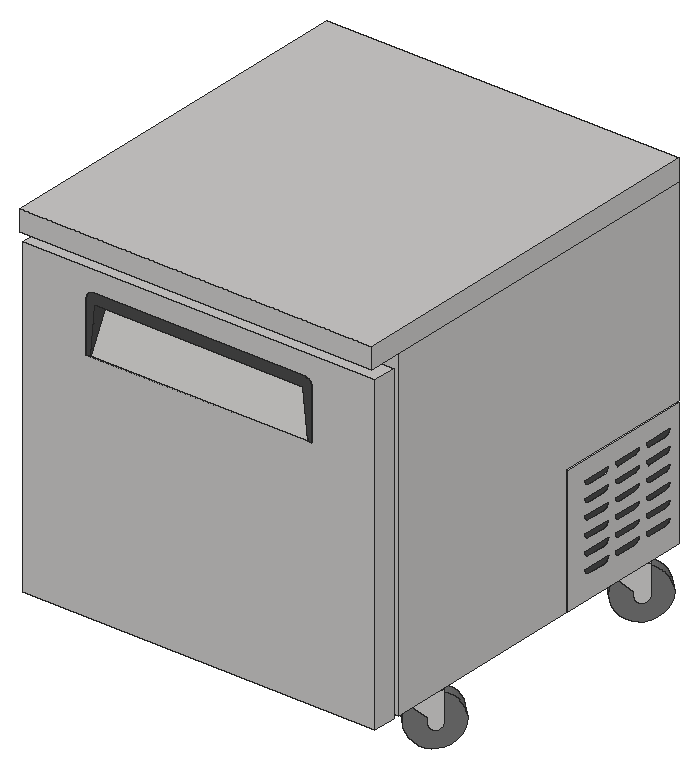
Revit family "QF_Turbo Air_MUR-28L", category Specialty Equipment, Revit 2012
Parameters
  Weight in Pounds = 163
  Watermarked By = "http://revitwatermark.com"
  Volts = 115 V
  URL Cutsheet = ""
  URL = "www.turboairinc.com"
  Status [instance] = ""
  Specification by User [instance] = ""
  Specification by Manufacturer [instance] = ""
  Serial Number [instance] = ""
  Revision Code [instance] = ""
  Phase = 1
  Number of Poles [instance] = 1
  NAFEM Spec ID Number [instance] = ""
  Model = "MUR-28L"
  Masterspec [instance] = ""
  Manufacturer = "Turbo Air"  # constant formula
  Legs [instance] = [6 inch Legs]  # no
  Item Number [instance] = "-"
  Installed By [instance] = ""
  HP = "1/5"
  Furnished By [instance] = ""
  Foodservice Equipment Identifier = yes
  FL Amps = 2.5 A
  Electrical Remarks [instance] = ""
  Electric Connection Type [instance] = ""
  Elec Conn RI Height [instance] = 0' - 0"
  Elec Conn Connection Height = 1' - 0"
  Description = "Undercounter Refrigerator"
  Cycle = 60 Hz
  Conn Plug = "NEMA 5-15P"
  Casters [instance] = not(Legs)  # yes
  CasterLeg Height [instance] = if([4 inch Casters], 0' 5", if([5 inch Casters], 0' 5 3/4", if([2_5 inch Casters], 0' 3 3/8", 0' 6")))  # 0' - 5"
  CSI MasterFormat = "11 41 13"
  Assembly Code = "E1090320"
  Apparent Power = if(Phase = 3, Volts * FL Amps * 1.73, Volts * FL Amps)  # 287.5 VA
  6 inch Legs [instance] = no
  5 inch Casters [instance] = no
  4 inch Casters [instance] = yes
  2_5 inch Casters [instance] = no
Reference planes (in)
  plane 1 "BACK": y = 0
  plane 2: z = 0
  plane 3 "LEFT": x = -20.78844
  plane 4 "Bottom": z = 5
  plane 5 "Back Stops": y = 1
  plane 6 "RIGHT": x = 6.71156
  plane 7 "FRONT": y = -30
  plane 8 "Door Clearance": y = -55.375
  plane 9 "Back of Door": y = -27.875
  plane 10 "Front of Box": y = -27.375
  plane 11 "Top of Door": z = 29.5
  plane 12 "TOP": z = 32
  plane 13 "Bottom of TOP": z = 30.375
Forms (in)
  Extrusion 1, solid, material "QF_Finishes_Stainless Steel"
    sketch origin (-20.78844, 0, 0) x (0, 1, 0) y (0, 0, 1)
      loop
        line (0, 5) -> (0, 30.375) -> (-27.375, 30.375) -> (-27.375, 5) -> (0, 5)
    from 0 to 27.5
  Extrusion 2, solid, material "QF_Finishes_Black"
    sketch origin (0, -27.375, 0) x (1, 0, 0) y (0, 0, 1)
      loop
        line (-19.78844, 28.5) -> (-19.78844, 6) -> (5.71156, 6) -> (5.71156, 28.5) -> (-19.78844, 28.5)
    from 0 to 0.5
  Extrusion 3, void
    sketch origin (6.71156, 0, 0) x (0, 1, 0) y (0, 0, 1)
      loop
        line (0, 5) -> (0, 15) -> (-11, 15) -> (-11, 5) -> (0, 5)
    from 0 to -1
  Extrusion 4, solid, material "QF_Finishes_Stainless Steel"
    sketch origin (6.71156, 0, 0) x (0, 1, 0) y (0, 0, 1)
      loop
        line (-10.875, 14.875) -> (-10.875, 5) -> (0, 5) -> (0, 14.875) -> (-10.875, 14.875)
      loop
        arc (-9.25, 13.5) -> (-9.10355, 13.14645) -> (-8.75, 13) r 0.5
        line (-8.75, 13) -> (-7.25, 13)
        arc (-7.25, 13) -> (-6.89645, 13.14645) -> (-6.75, 13.5) r 0.5
        line (-6.75, 13.5) -> (-9.25, 13.5)
      loop
        arc (-6.25, 13.5) -> (-6.10355, 13.14645) -> (-5.75, 13) r 0.5
        line (-5.75, 13) -> (-4.25, 13)
        arc (-4.25, 13) -> (-3.89645, 13.14645) -> (-3.75, 13.5) r 0.5
        line (-3.75, 13.5) -> (-6.25, 13.5)
      loop
        arc (-3.25, 13.5) -> (-3.10355, 13.14645) -> (-2.75, 13) r 0.5
        line (-2.75, 13) -> (-1.25, 13)
        arc (-1.25, 13) -> (-0.89645, 13.14645) -> (-0.75, 13.5) r 0.5
        line (-0.75, 13.5) -> (-3.25, 13.5)
      loop
        arc (-9.25, 12.25) -> (-9.10355, 11.89645) -> (-8.75, 11.75) r 0.5
        line (-8.75, 11.75) -> (-7.25, 11.75)
        arc (-7.25, 11.75) -> (-6.89645, 11.89645) -> (-6.75, 12.25) r 0.5
        line (-6.75, 12.25) -> (-9.25, 12.25)
      loop
        arc (-6.25, 12.25) -> (-6.10355, 11.89645) -> (-5.75, 11.75) r 0.5
        line (-5.75, 11.75) -> (-4.25, 11.75)
        arc (-4.25, 11.75) -> (-3.89645, 11.89645) -> (-3.75, 12.25) r 0.5
        line (-3.75, 12.25) -> (-6.25, 12.25)
      loop
        arc (-3.25, 12.25) -> (-3.10355, 11.89645) -> (-2.75, 11.75) r 0.5
        line (-2.75, 11.75) -> (-1.25, 11.75)
        arc (-1.25, 11.75) -> (-0.89645, 11.89645) -> (-0.75, 12.25) r 0.5
        line (-0.75, 12.25) -> (-3.25, 12.25)
      loop
        arc (-9.25, 11) -> (-9.10355, 10.64645) -> (-8.75, 10.5) r 0.5
        line (-8.75, 10.5) -> (-7.25, 10.5)
        arc (-7.25, 10.5) -> (-6.89645, 10.64645) -> (-6.75, 11) r 0.5
        line (-6.75, 11) -> (-9.25, 11)
      loop
        arc (-6.25, 11) -> (-6.10355, 10.64645) -> (-5.75, 10.5) r 0.5
        line (-5.75, 10.5) -> (-4.25, 10.5)
        arc (-4.25, 10.5) -> (-3.89645, 10.64645) -> (-3.75, 11) r 0.5
        line (-3.75, 11) -> (-6.25, 11)
      loop
        arc (-3.25, 11) -> (-3.10355, 10.64645) -> (-2.75, 10.5) r 0.5
        line (-2.75, 10.5) -> (-1.25, 10.5)
        arc (-1.25, 10.5) -> (-0.89645, 10.64645) -> (-0.75, 11) r 0.5
        line (-0.75, 11) -> (-3.25, 11)
      loop
        arc (-9.25, 9.75) -> (-9.10355, 9.39645) -> (-8.75, 9.25) r 0.5
        line (-8.75, 9.25) -> (-7.25, 9.25)
        arc (-7.25, 9.25) -> (-6.89645, 9.39645) -> (-6.75, 9.75) r 0.5
        line (-6.75, 9.75) -> (-9.25, 9.75)
      loop
        arc (-6.25, 9.75) -> (-6.10355, 9.39645) -> (-5.75, 9.25) r 0.5
        line (-5.75, 9.25) -> (-4.25, 9.25)
        arc (-4.25, 9.25) -> (-3.89645, 9.39645) -> (-3.75, 9.75) r 0.5
        line (-3.75, 9.75) -> (-6.25, 9.75)
      loop
        arc (-3.25, 9.75) -> (-3.10355, 9.39645) -> (-2.75, 9.25) r 0.5
        line (-2.75, 9.25) -> (-1.25, 9.25)
        arc (-1.25, 9.25) -> (-0.89645, 9.39645) -> (-0.75, 9.75) r 0.5
        line (-0.75, 9.75) -> (-3.25, 9.75)
      loop
        arc (-9.25, 8.5) -> (-9.10355, 8.14645) -> (-8.75, 8) r 0.5
        line (-8.75, 8) -> (-7.25, 8)
        arc (-7.25, 8) -> (-6.89645, 8.14645) -> (-6.75, 8.5) r 0.5
        line (-6.75, 8.5) -> (-9.25, 8.5)
      loop
        arc (-6.25, 8.5) -> (-6.10355, 8.14645) -> (-5.75, 8) r 0.5
        line (-5.75, 8) -> (-4.25, 8)
        arc (-4.25, 8) -> (-3.89645, 8.14645) -> (-3.75, 8.5) r 0.5
        line (-3.75, 8.5) -> (-6.25, 8.5)
      loop
        arc (-3.25, 8.5) -> (-3.10355, 8.14645) -> (-2.75, 8) r 0.5
        line (-2.75, 8) -> (-1.25, 8)
        arc (-1.25, 8) -> (-0.89645, 8.14645) -> (-0.75, 8.5) r 0.5
        line (-0.75, 8.5) -> (-3.25, 8.5)
      loop
        arc (-9.25, 7.25) -> (-9.10355, 6.89645) -> (-8.75, 6.75) r 0.5
        line (-8.75, 6.75) -> (-7.25, 6.75)
        arc (-7.25, 6.75) -> (-6.89645, 6.89645) -> (-6.75, 7.25) r 0.5
        line (-6.75, 7.25) -> (-9.25, 7.25)
      loop
        arc (-6.25, 7.25) -> (-6.10355, 6.89645) -> (-5.75, 6.75) r 0.5
        line (-5.75, 6.75) -> (-4.25, 6.75)
        arc (-4.25, 6.75) -> (-3.89645, 6.89645) -> (-3.75, 7.25) r 0.5
        line (-3.75, 7.25) -> (-6.25, 7.25)
      loop
        arc (-3.25, 7.25) -> (-3.10355, 6.89645) -> (-2.75, 6.75) r 0.5
        line (-2.75, 6.75) -> (-1.25, 6.75)
        arc (-1.25, 6.75) -> (-0.89645, 6.89645) -> (-0.75, 7.25) r 0.5
        line (-0.75, 7.25) -> (-3.25, 7.25)
    from 0 to -1
  Extrusion 5, solid, material "QF_Finishes_Black"
    sketch origin (6.71156, 0, 0) x (0, 1, 0) y (0, 0, 1)
      loop
        line (-9.875, 13.95221) -> (-9.875, 6.20221) -> (-0.375, 6.20221) -> (-0.375, 13.95221) -> (-9.875, 13.95221)
    from -0.125 to -1
  Extrusion 6, solid, material "QF_Finishes_Black"
    sketch origin (0, 0, 0) x (1, 0, 0) y (0, 0, 1)
      loop
        circle (-14.66344, 27.1875) r 0.5
      loop
        circle (0.58656, 27.1875) r 0.5
    from 0 to -1
  Extrusion 7, solid, material "QF_Finishes_Stainless Steel"
    sketch origin (0, 0, 0) x (1, 0, 0) y (0, 0, 1)
      loop
        circle (2.71156, 11.125) r 0.25
    from 0 to -0.0625
  Extrusion 8, solid, material "QF_Finishes_Polished Steel"
    sketch origin (-20.78844, 0, 0) x (0, 1, 0) y (0, 0, 1)
      loop
        line (0, 32) -> (-30, 32) -> (-30, 30.375) -> (0, 30.375) -> (0, 32)
    from 0 to 27.5
Cuts and joins
  Extrusion 3 cuts Extrusion 1
Lines and regions (in)
  symbolic lines
    curve 1: line (-20.78844, 0, 35.875) -> (6.71156, 0, 35.875)
    curve 2: line (-20.78844, -30, 35.875) -> (-20.78844, 0, 35.875)
    curve 3: line (6.71156, -30, 35.875) -> (-20.78844, -30, 35.875)
    curve 4: line (6.71156, 0, 35.875) -> (6.71156, -30, 35.875)
    curve 5: line (0.08656, 1, 35.875) -> (1.08656, 1, 35.875)
    curve 6: line (-15.16344, 1, 35.875) -> (-14.16344, 1, 35.875)
    curve 7: line (-15.16344, 1, 35.875) -> (-15.16344, 0, 35.875)
    curve 8: line (-14.16344, 1, 35.875) -> (-14.16344, 0, 35.875)
    curve 9: line (0.08656, 1, 35.875) -> (0.08656, 0, 35.875)
    curve 10: line (1.08656, 1, 35.875) -> (1.08656, 0, 35.875)
  symbolic lines, style "QF_Clearances", detail levels coarse
    curve 11: line (6.71156, -30, 35.875) -> (6.71156, -55.375, 35.875)
    curve 12: arc (6.71156, -55.375, 35.875) -> (-11.96747, -48.05776, 35.875) -> (-20.70621, -30, 35.875) r 27.5
Dimensions and locks (in)
  "CasterLeg Height": plane 4 "Bottom" to plane 2
  locked: plane 1 "BACK" to plane 5 "Back Stops" at 1
  locked: plane 6 "RIGHT" to plane 3 "LEFT" at 27.5
  locked: plane 7 "FRONT" to plane 1 "BACK" at 30
  locked: plane 9 "Back of Door" to plane 10 "Front of Box" at 0.5
  locked: plane 8 "Door Clearance" to plane 1 "BACK" at 55.375
  locked: plane 11 "Top of Door" to Extrusion 2 sketch curve at 1
  locked: Extrusion 2 sketch curve to plane 3 "LEFT" at 1
  locked: Extrusion 2 sketch curve to plane 4 "Bottom" at 1
  locked: Extrusion 2 sketch curve to plane 6 "RIGHT" at 1
  locked: Extrusion 3 sketch curve to plane 1 "BACK" at 11
  locked: Extrusion 3 sketch curve to plane 4 "Bottom" at 10
  locked: plane 4 "Bottom" to Extrusion 4 sketch curve at 9.875
  locked: Extrusion 4 sketch curve to plane 1 "BACK" at 10.875
  locked: Extrusion 5 sketch curve to Extrusion 5 sketch curve at 7.75
  locked: Extrusion 5 sketch curve to plane 4 "Bottom" at 1.20221
  locked: Extrusion 5 sketch curve to Extrusion 5 sketch curve at 9.5
  locked: Extrusion 5 sketch curve to plane 1 "BACK" at 0.375
  locked: nested 1 to plane 1 "BACK" at 2.5625
  locked: plane 3 "LEFT" to nested 1 at 2.5
  locked: plane 3 "LEFT" to nested 2 at 2.5
  locked: plane 10 "Front of Box" to nested 2 at 4.625
  locked: nested 3 to plane 6 "RIGHT" at 2.5
  locked: nested 4 to plane 6 "RIGHT" at 2.5
  locked: plane 10 "Front of Box" to nested 4 at 4.625
  locked: nested 3 to plane 1 "BACK" at 2.5625
  locked: plane 6 "RIGHT" to Extrusion 6 sketch curve at 6.125
  locked: Extrusion 6 sketch curve to plane 3 "LEFT" at 6.125
  locked: Extrusion 7 sketch curve to plane 4 "Bottom" at 6.125
  locked: plane 6 "RIGHT" to Extrusion 7 sketch curve at 4
  locked: plane 12 "TOP" to plane 4 "Bottom" at 27
  locked: plane 12 "TOP" to plane 13 "Bottom of TOP" at 1.625
  locked: plane 13 "Bottom of TOP" to plane 11 "Top of Door" at 0.875
  plane 9 "Back of Door" to plane 1 "BACK" = 2' - 3 7/8"
  aligned and locked: level to plane 2
  aligned and locked: Extrusion 1 sketch curve to plane 1 "BACK"
  aligned and locked: Extrusion 1 sketch curve to plane 4 "Bottom"
  aligned and locked: plane 10 "Front of Box" to Extrusion 1 sketch curve
  aligned and locked: plane 6 "RIGHT" to Extrusion 1
  aligned and locked: plane 9 "Back of Door" to Extrusion 2
  aligned and locked: Extrusion 3 sketch curve to plane 1 "BACK"
  aligned and locked: Extrusion 3 sketch curve to plane 4 "Bottom"
  aligned and locked: Extrusion 6 to plane 5 "Back Stops"
  aligned and locked: plane 1 "BACK" to curve 1
  aligned and locked: curve 4 to plane 6 "RIGHT"
  aligned and locked: plane 3 "LEFT" to curve 2
  aligned and locked: curve 3 to plane 7 "FRONT"
  aligned and locked: curve 5 to Extrusion 6
  aligned and locked: curve 6 to Extrusion 6
  aligned and locked: Extrusion 1 sketch curve to plane 13 "Bottom of TOP"
  aligned and locked: plane 1 "BACK" to Extrusion 8 sketch curve
  aligned and locked: plane 13 "Bottom of TOP" to Extrusion 8 sketch curve
  aligned and locked: Extrusion 8 sketch curve to plane 7 "FRONT"
  aligned and locked: Extrusion 8 sketch curve to plane 12 "TOP"
  aligned and locked: plane 6 "RIGHT" to Extrusion 8
  aligned and locked: plane 4 "Bottom" to nested 5
Automatic sketch dimensions
  Extrusion 4 sketch curve to plane 1 "BACK" = 0' - 0"
  Extrusion 4 sketch curve to plane 4 "Bottom" = 0' - 0"
  Extrusion 4 sketch curve to Extrusion 4 sketch curve = 0' - 1 5/8"
  Extrusion 4 sketch curve to Extrusion 4 sketch curve = 0' - 0"  (x16)
  Extrusion 4 sketch curve to Extrusion 4 sketch curve = 0' - 0 1/2"  (x31)
  Extrusion 4 sketch curve to Extrusion 4 sketch curve = 0' - 1 1/2"  (x4)
  plane 1 "BACK" to Extrusion 4 sketch curve = 0' - 1 1/4"  (x3)
  plane 4 "Bottom" to Extrusion 4 sketch curve = 0' - 1 3/4"  (x2)
  Extrusion 4 sketch curve to Extrusion 4 sketch curve = 0' - 0 3/4"  (x15)
  plane 8 "Door Clearance" to curve 11 = 0' - 0"
  plane 9 "Back of Door" to curve 12 = 0' - 0"
  curve 5 to curve 5 = 0' - 1"
  curve 8 to curve 7 = 0' - 1"
  Extrusion 6 sketch curve to plane 11 "Top of Door" = 0' - 2 5/16"  (x2)
  curve 5 to plane 6 "RIGHT" = 0' - 5 5/8"
  curve 8 to curve 1 = 0' - 6 5/8"
  radius of Extrusion 6 sketch curve = 0' - 0 1/2"  (x2)
  radius of Extrusion 7 sketch curve = 0' - 0 1/4"
Nested families (in)
  nested 1: "FESCasterLeg" at (-18.28844, -2.5625, 0), Legs <- "Legs", Casters <- "Casters", Height <- "CasterLeg Height", type "FESCasterLeg"
    with Legs no, Height 0' - 5", Casters yes, Caster Radius 0' - 2"
  nested 2: "FESCasterLeg" at (-18.28844, -22.75, 0), Legs <- "Legs", Casters <- "Casters", Height <- "CasterLeg Height", type "FESCasterLeg"
    with Legs no, Height 0' - 5", Casters yes, Caster Radius 0' - 2"
  nested 3: "FESCasterLeg" at (4.21156, -2.5625, 0), Legs <- "Legs", Casters <- "Casters", Height <- "CasterLeg Height", type "FESCasterLeg"
    with Legs no, Height 0' - 5", Casters yes, Caster Radius 0' - 2"
  nested 4: "FESCasterLeg" at (4.21156, -22.75, 0), Legs <- "Legs", Casters <- "Casters", Height <- "CasterLeg Height", type "FESCasterLeg"
    with Legs no, Height 0' - 5", Casters yes, Caster Radius 0' - 2"
  nested 5: "QF_Turbo Air_TBL_Door-1C" at (-8.46511, -27.875, 5) x (-1, 0, 0) z (0, 0, 1), type "QF_Turbo Air_TBL_Door-1"
    with Width 2' - 3 1/2", Symbolic Lines no, Height 2' - 0 1/2", Handle Width 1' - 5 5/8", Depth 0' - 1 13/16"
Connectors (in)
  electrical at (2.71156, 0.0625, 11.125), driven by "Number of Poles", driven by "Volts", driven by "Apparent Power"
    settings: on Extrusion 7, index 1, voltage 115 V, apparent load 287.5 VA, apparent load phase1 0 VA, apparent load phase2 0 VA, apparent load phase3 0 VA, power factor 1, load classification "Other", number of poles 1, system type 30, power factor state 1, is connector primary yes, connector utility no, sub classification motor no, connector description ""
Definition of nested family "FESCasterLeg"
  Parameters (values of type "FESCasterLeg")
    Watermarked By = "http://revitwatermark.com"
    Type Comments = "⍁⍉⌁⌀⏭⎽⌇⍠⌜⍉⎖⌥⌦⌯⍭⏊⍻⍿⍊⏵⍊⏗⏠⍴⎡⌈⎀⍠⌓⌤⏘⎐⍀⌐⏬⏁⎈⏍⏦⎒⏬⌝⍩⍇⌣〈⎫〉⎁⏊⍥⍖⍥⍝⍦⌖⍀⏌⏭⎝⎼⏷⏞⍻⏯⎽⏷⏞⍻⏯⎽⏷⎺⌻⎝⍎⌧⏷⏟⏿⌿⍜⍦⍤⌁⍬⏶⏎⍊⏚⏉⎞⌡⎀⎪⏈⌟⌿⍾⍼⌟⌿⌢⌞⏜⏝⎽⍷⍷⍯⍧⍷⌯⍽⏸⏨⏾⏎⌣⏺⍹⏼⏅⎏⌽⎫⎪⍙⎓⏗⎗⏅⌴⍏⍏⍿⏑⎺⍘⌭⏲⍥⎛⎾⎾⍞⍌⎪⎲⌙⎥⏏⎟⎟⏼⏘⎏⎝⏧⏍⏁⍏⍧⏯⏾⌟"
    Legs [instance] = yes
    Height [instance] = 0' - 6"
    Caster Radius [instance] = if(Height < 0' 3", 0' 1", (Height / 2) - 0' 0 1/2")  # 0' - 2 1/2"
    Casters [instance] = yes
    Assembly Code = ""
  Reference planes (in)
    plane 1 "Center (Front/Back)": y = 0
    plane 2: z = 0
    plane 3 "Center (Left/Right)": x = 0
    plane 4: z = 6
    plane 5: z = 5.5
  Forms (in)
    Extrusion 1, solid, material "QF_Finishes_Stainless Steel", visible <- "Casters"
      sketch origin (-24.12131, -22.88887, 10.18833) x (0.707107, 0.707107, 0) y (0, 0, 1)
        loop
          line (34.98772, -7.68833) -> (34.98772, -4.93833) -> (34.48772, -4.93833) -> (34.39402, -4.68833) -> (32.39402, -4.68833) -> (32.39402, -5.43833) -> (33.98772, -7.34206) -> (33.98772, -7.68833)
          arc (33.98772, -7.68833) -> (34.48772, -8.18833) -> (34.98772, -7.68833) r 0.5
      from 0 to 1.75
    Extrusion 2, solid, material "QF_Finishes_Rubber Black", visible <- "Casters"
      sketch origin (-24.32327, -23.09083, 13.31461) x (0.707107, 0.707107, 0) y (0, 0, 1)
        loop
          circle (34.77334, -10.81461) r 2.5
      from 0.375 to 1.375
    Extrusion 3, solid, material "QF_Finishes_Stainless Steel", visible <- "Casters"
      sketch origin (-7.24148, -8.48391, 0) x (0.707107, 0.707107, 0) y (0, 0, 1)
        loop
          line (10.61603, 5.5) -> (11.61603, 5.5) -> (11.61603, 6) -> (10.61603, 6) -> (10.61603, 5.5)
      from 0 to -1.75
    Blend 4, solid, material "QF_Finishes_Stainless Steel", visible <- "Legs"
      base sketch origin (0, 0, 0) x (1, 0, 0) y (0, 1, 0)
        loop
          circle (0, 0) r 0.5
      top sketch origin (0, 0, 0) x (1, 0, 0) y (0, 1, 0)
        loop
          circle (0, 0) r 1
      from 0 to 6 <- "Height"
  Lines and regions (in)
    symbolic lines, style "QF_Hidden Details", visible <- "Casters", built-in parameter 1006206 <- "Casters"
      curve 1: line (-1.26158, -0.51911, 0) -> (1.39007, 2.13254, 0)
      curve 2: line (-0.53429, -1.24639, 0) -> (2.11736, 1.40526, 0)
    symbolic lines, style "QF_Hidden Details", built-in parameter 1006206 <- "Casters", visible <- "Casters"
      curve 3: line (-1.26158, -0.51911, 0) -> (1.39007, 2.13254, 0)
      curve 4: line (-0.53429, -1.24639, 0) -> (2.11736, 1.40526, 0)
  Dimensions and locks (in)
    locked: plane 4 to plane 5 at 0.5
    "Height": plane 4 to level
    "Caster Radius": Extrusion 2 sketch curve to level
    "Caster Radius": Extrusion 1 sketch curve to level
    "Caster Radius": radius of Extrusion 2 sketch curve
    aligned and locked: plane 2 to level
    aligned: Blend 4 to Extrusion 3
    aligned and locked: plane 4 to Blend 4
    aligned and locked: Extrusion 3 to plane 5
    aligned and locked: plane 4 to Extrusion 3
    aligned and locked: plane 5 to Extrusion 1
  Automatic sketch dimensions
    plane 1 "Center (Front/Back)" to curve 3 = 0' - 0.51911"
    curve 3 to plane 3 "Center (Left/Right)" = 0' - 1.26158"
    plane 1 "Center (Front/Back)" to curve 1 = 0' - 0.51911"
    curve 1 to curve 3 = 0' - 0"  (x3)
    curve 4 to plane 3 "Center (Left/Right)" = 0' - 0.53429"
    curve 2 to curve 4 = 0' - 0"  (x2)
    plane 3 "Center (Left/Right)" to curve 3 = 0' - 1.39007"
    curve 1 to curve 4 = 0' - 0.72729"
    curve 2 to curve 1 = 0' - 0.72729"
    curve 4 to curve 2 = 0' - 0"  (x2)
    curve 2 to plane 1 "Center (Front/Back)" = 0' - 1.40526"
    curve 2 to curve 3 = 0' - 0.72729"
    plane 5 to Extrusion 1 sketch curve = 0' - 0"
    Extrusion 1 sketch curve to Extrusion 1 sketch curve = 0' - 1.5937"
    Extrusion 1 sketch curve to Extrusion 1 sketch curve = 0' - 2"
    Extrusion 1 sketch curve to Extrusion 1 sketch curve = 0' - 0.0937"
    Extrusion 1 sketch curve to Extrusion 1 sketch curve = 0' - 0 1/2"
    Extrusion 1 sketch curve to Extrusion 1 sketch curve = 0' - 0.34627"
    Extrusion 1 sketch curve to plane 5 = 0' - 0 3/4"
    Extrusion 1 sketch curve to plane 5 = 0' - 0 1/4"
    Extrusion 3 sketch curve to plane 5 = 0' - 0"
    plane 4 to Extrusion 3 sketch curve = 0' - 0"
    Extrusion 3 sketch curve to Extrusion 3 sketch curve = 0' - 1"
    plane 1 "Center (Front/Back)" to Blend 4 sketch curve = 0' - 0"  (x2)
    Blend 4 sketch curve to plane 3 "Center (Left/Right)" = 0' - 0"  (x2)
    radius of Blend 4 sketch curve = 0' - 0 1/2"
    radius of Blend 4 sketch curve = 0' - 1"
Definition of nested family "QF_Turbo Air_TBL_Door-1C"
  Parameters (values of type "QF_Turbo Air_TBL_Door-1C")
    Width [instance] = 2' - 5 5/16"
    Watermarked By = "http://revitwatermark.com"
    Symbolic Lines [instance] = yes
    Manufacturer = "Turbo Air"  # constant formula
    Height [instance] = 2' - 3 7/16"
    Handle Width [instance] = 1' - 5 5/8"
    Depth [instance] = 0' - 1 13/16"
  Reference planes (in)
    plane 1 "BACK": y = 0
    plane 2: z = 0
    plane 3 "LEFT": x = -15.17667
    plane 4: x = 14.13583
    plane 5 "FRONT": y = -1.8125
    plane 6: z = 27.4375
    plane 7 "Right of Handle": x = 8.29208
    plane 8 "Left of Handle": x = -9.33292
    plane 9: x = -0.52042
  Forms (in)
    Extrusion 1, solid, material "QF_Finishes_Black"
      sketch origin (-35.33292, 0, 15.01083) x (0, 0, -1) y (1, 0, 0)
        loop
          arc (-10.23917, 43.625) -> (-10.63691, 43.46025) -> (-10.80167, 43.0625) r 0.5625
          line (-10.80167, 43.0625) -> (-10.80167, 26.5625)
          arc (-10.80167, 26.5625) -> (-10.63691, 26.16475) -> (-10.23917, 26) r 0.5625
          line (-10.23917, 26) -> (-6.30167, 26) -> (-6.30167, 26.34375) -> (-9.98917, 26.66636) -> (-9.98917, 42.95864) -> (-6.30167, 43.28125) -> (-6.30167, 43.625) -> (-10.23917, 43.625)
      from 0 to 1.8125
    Extrusion 2, solid, material "QF_Finishes_Stainless Steel"
      sketch origin (-9.36417, 0, 15.01083) x (0, 1, 0) y (0, 0, 1)
        loop
          line (-1.8125, 6.30167) -> (0, 6.30167) -> (0, 9.98917) -> (-0.47036, 9.98917) -> (-1.8125, 6.30167)
      from 0.375 to 17.3125
    Extrusion 3, solid, material "QF_Finishes_Stainless Steel"
      sketch origin (0, 0, 0) x (1, 0, 0) y (0, 0, 1)
        loop
          line (-15.17667, 27.4375) -> (-15.17667, 0) -> (14.13583, 0) -> (14.13583, 27.4375) -> (-15.17667, 27.4375)
        loop
          arc (-8.77042, 25.8125) -> (-9.16816, 25.64775) -> (-9.33292, 25.25) r 0.5625
          line (-9.33292, 25.25) -> (-9.33292, 21.3125) -> (8.29208, 21.3125) -> (8.29208, 25.25)
          arc (8.29208, 25.25) -> (8.12733, 25.64775) -> (7.72958, 25.8125) r 0.5625
          line (7.72958, 25.8125) -> (-8.77042, 25.8125)
      from 0 to 1.8125
  Lines and regions (in)
    symbolic lines, visible <- "Symbolic Lines"
      curve 1: line (-15.17667, 0, 25.96875) -> (14.13583, 0, 25.96875)
      curve 2: line (-15.17667, -1.8125, 25.96875) -> (-15.17667, 0, 25.96875)
      curve 3: line (14.13583, -1.8125, 25.96875) -> (-15.17667, -1.8125, 25.96875)
      curve 4: line (14.13583, 0, 25.96875) -> (14.13583, -1.8125, 25.96875)
  Dimensions and locks (in)
    "Width": plane 4 to plane 3 "LEFT"
    "Depth": plane 5 "FRONT" to plane 1 "BACK"
    "Height": plane 6 to plane 2
    locked: Extrusion 3 sketch curve to Extrusion 3 sketch curve at 4.5
    locked: plane 6 to Extrusion 3 sketch curve at 1.625
    locked: plane 6 to Extrusion 1 sketch curve at 1.625
    locked: Extrusion 1 sketch curve to Extrusion 1 sketch curve at 0.8125
    locked: Extrusion 1 sketch curve to Extrusion 1 sketch curve at 4.5  (x2)
    locked: plane 6 to Extrusion 2 sketch curve at 2.4375
    locked: Extrusion 2 sketch curve to Extrusion 2 sketch curve at 3.6875
    locked: Extrusion 2 sketch curve to plane 5 "FRONT" at 1.34214
    "Handle Width": plane 8 "Left of Handle" to plane 7 "Right of Handle"
    locked: Extrusion 1 sketch curve to plane 8 "Left of Handle" at 0.34375
    locked: Extrusion 1 sketch curve to plane 8 "Left of Handle" at 0.66636
    locked: Extrusion 1 sketch curve to plane 8 "Left of Handle" at 0.5625
    locked: plane 7 "Right of Handle" to Extrusion 1 sketch curve at 0.34375
    locked: plane 7 "Right of Handle" to Extrusion 1 sketch curve at 0.66636
    locked: plane 7 "Right of Handle" to Extrusion 1 sketch curve at 0.5625
    locked: plane 8 "Left of Handle" to Extrusion 2 at 0.34375
    locked: plane 7 "Right of Handle" to Extrusion 2 at 0.34375
    equal spacing: plane 3 "LEFT", plane 9, plane 4
    plane 8 "Left of Handle" to plane 9 = 0' - 8 13/16"
    plane 9 to plane 7 "Right of Handle" = 0' - 8 13/16"
    aligned and locked: level to plane 2
    aligned and locked: Extrusion 3 sketch curve to plane 6
    aligned and locked: plane 3 "LEFT" to Extrusion 3 sketch curve
    aligned and locked: level to Extrusion 3 sketch curve
    aligned and locked: Extrusion 3 sketch curve to plane 4
    aligned and locked: plane 5 "FRONT" to Extrusion 3
    aligned and locked: Extrusion 2 sketch curve to plane 1 "BACK"
    aligned and locked: plane 1 "BACK" to curve 1
    aligned and locked: plane 3 "LEFT" to curve 2
    aligned and locked: curve 3 to plane 5 "FRONT"
    aligned and locked: curve 4 to plane 4
    aligned and locked: Extrusion 3 sketch curve to plane 7 "Right of Handle"
    aligned and locked: Extrusion 3 sketch curve to plane 8 "Left of Handle"
    aligned and locked: Extrusion 1 sketch curve to plane 7 "Right of Handle"
    aligned and locked: plane 8 "Left of Handle" to Extrusion 1 sketch curve
  Automatic sketch dimensions
    Extrusion 3 sketch curve to Extrusion 3 sketch curve = 0' - 0 9/16"  (x2)
    Extrusion 2 sketch curve to plane 5 "FRONT" = 0' - 0"
